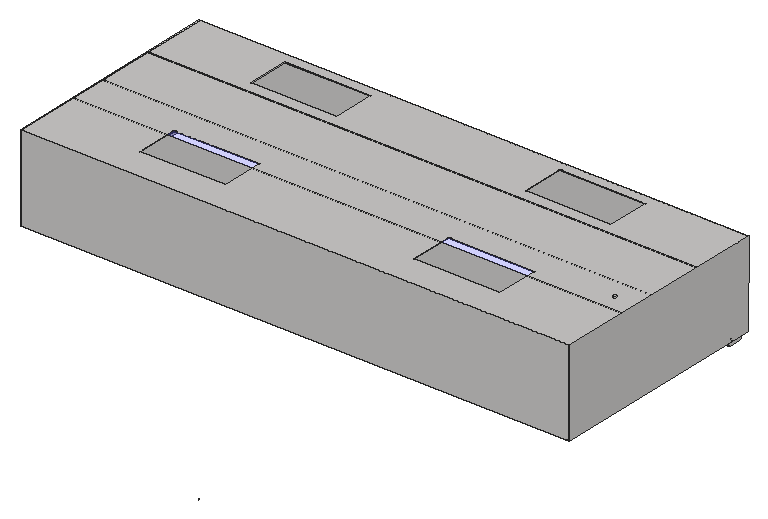
Revit family "QF_ELECTROLUXPROFESSIONAL_640231_STPF1332", category Attrezzature speciali, Revit 2021
Family settings
  Quota connettore circolare = Usa diametro
  Tipo di parte = Normale
  Basato su piano di lavoro = No
  Sempre verticale = Sì
  Taglio con vuoti quando caricato = No
  Condiviso = No
  Punto di calcolo locali = No
Parameters (values of type "Standard")
  Weight = 200.00 kg
  Watts = 240 W
  Volts = 220 V
  URL Manufacturer = "https://www.electroluxprofessional.com/"
  URL = "https://www.electroluxprofessional.com/"
  Steam Supply Size = 0 mm
  Steam Supply Minimum Pressure = 0.0 Pa
  Steam Supply Maximum Pressure = 0.0 Pa
  Steam Consumption per Hour = 0
  Refrigeration Suction Line Size = 0 mm
  Refrigeration Liquid Line Size = 0 mm
  Refrigerant Compressor Remote = yes
  Prospetto di default = 0 mm
  Produttore = "Electrolux Professional"
  Phase = 1
  Modello = "STPF1332"
  Length Actual = 3200 mm  # constant formula
  Item Number = "640231"
  Hot Water Size = 0 mm
  Height Actual = 500 mm  # constant formula
  HP = "0.3 HP"
  Gas Size = 0 mm
  Gas KW = 0
  Gas Input Pressure = 0 W
  Direct Waste Size = 0 mm
  Descrizione = "304 S/S WALL HOOD+FILTERS+LAMPS 320X130"
  Depth Actual = 1300 mm  # constant formula
  Cycle = 50 Hz
  Condensate Return Size = 0 mm
  Compressed Air Volume = 0.0 L/s
  Compressed Air Size = 0 mm
  Compressed Air Pressure = 0.0 Pa
  Cold Water Size = 0 mm
  Accessory = yes
Reference planes
  plane 1: z = 0
  plane 2 "Center (Left/Right)": x = 150
  plane 3 "LEFT": x = -1450
  plane 4 "RIGHT": x = 1750
  plane 5 "BACK": y = 550
  plane 6 "TOP": z = 2500
  plane 7 "Base": z = 2000
  plane 8: z = 1955
  plane 9 "DrainY": y = 490
  plane 10: x = -1447
  plane 11 "DrainX": x = 1630
  plane 12 "AOLeft2": x = -400
  plane 13 "AORight1": x = 700
  plane 14: x = 1747
  plane 15: x = -1250
  plane 16: x = 1550
  plane 17 "Center (Front/Back)": y = -100
  plane 18 "Front": y = -750
  plane 19 "AOLeft1": x = -900
  plane 20 "AORight2": x = 1200
  plane 21: y = -664
  plane 22: y = -414
  plane 23: y = 240
  plane 24: y = 490
  plane 25 "EI_y": y = -270
  plane 26 "EIx": x = 1630
Forms (mm)
  Extrusion 1, solid, material "QF_Finishes_Stainless Steel"
    sketch origin (-1450, 0, 360) x (0, 1, 0) y (0, 0, 1)
      loop
        line (550, 1640) -> (550, 2140) -> (-750, 2140) -> (-750, 1640) -> (550, 1640)
    from 0 to 3
  Extrusion 2, solid, material "QF_Finishes_Stainless Steel"
    sketch origin (1750, 0, 360) x (0, 1, 0) y (0, 0, 1)
      loop
        line (550, 1640) -> (550, 2140) -> (-750, 2140) -> (-750, 1640) -> (550, 1640)
    from 0 to -3
  Extrusion 3, solid, material "QF_Finishes_Stainless Steel"
    sketch origin (150, 0, 360) x (0, 1, 0) y (0, 0, 1)
      loop
        line (-750, 2140) -> (-750, 1640) -> (-740, 1640) -> (-740, 1640.8) -> (-749.2, 1640.8) -> (-749.2, 2139.19) -> (549.2, 2139.19) -> (549.2, 1640.8) -> (540, 1640.8) -> (540, 1640) -> (550, 1640) -> (550, 2140) -> (-750, 2140)
    from -1600 to 1600
  Extrusion 4, solid, material "QF_Finishes_Stainless Steel"
    sketch origin (0, 0, 2000) x (0, 1, 0) y (-1, 0, 0)
      loop
        circle (490, -1630) r 4.763
    from -30 to 0
  Extrusion 5, void
    sketch origin (0, 0, 2500) x (0, 1, 0) y (-1, 0, 0)
      loop
        line (-320, 400) -> (-320, 900) -> (-570, 900) -> (-570, 400) -> (-320, 400)
    from 0 to -10
  Extrusion 6, solid, material "QF_Finishes_Stainless Steel"
    sketch origin (0, 0, 0) x (1, 0, 0) y (0, 1, 0)
      loop
        line (-1450, 550) -> (-1450, 549) -> (-1449, 549) -> (-1449, 550) -> (-1450, 550)
    from 0 to 1
  Extrusion 7, solid, material "QF_LAMPS"
    sketch origin (150, 0, 360) x (0, 1, 0) y (0, 0, 1)
      loop
        line (-372.823, 1962.324) -> (-218.948, 2086.929) -> (-227.129, 2097.032) -> (-381.003, 1972.426) -> (-372.823, 1962.324)
    from 1597 to -1597
  Extrusion 8, solid, material "QF_Finishes_Stainless Steel"
    sketch origin (150, 0, 360) x (0, 1, 0) y (0, 0, 1)
      loop
        line (-750, 2139.19) -> (-750, 1640) -> (-686.602, 1640) -> (-599.146, 1690.493) -> (-610.058, 1709.394) -> (-666.564, 1676.77) -> (-714.704, 1680.982) -> (-749.2, 1730.248) -> (-749.2, 2139.19) -> (-750, 2139.19)
      loop
        line (-373.6, 1961.694) -> (-381.937, 1971.99) -> (-369.095, 1982.182) -> (-369.095, 2139.19) -> (-369.895, 2139.19) -> (-369.895, 1982.569) -> (-682.298, 1734.63) -> (-671.091, 1720.79) -> (-373.6, 1961.694)
      loop
        line (-227.61, 2099.216) -> (-218.171, 2087.559) -> (-154.411, 2139.19) -> (-155.682, 2139.19) -> (-218.052, 2088.684) -> (-226.989, 2099.719) -> (-227.61, 2099.216)
    from -1597 to 1597
  Sweep 9, solid, material "QF_Finishes_Stainless Steel"
    path origin (0, 0, 0) x (1, 0, 0) y (0, 1, 0)
      loop
        line (1750, 550) -> (-1450, 550) -> (-1450, -750) -> (1750, -750) -> (1750, 550)
    profile origin (1750, -100, 0) x (1, 0, 0) y (0, 0, 1)
      loop
        line (-3, 2000) -> (-3, 2000.8) -> (-19, 2000.8) -> (-19, 2010) -> (-20, 2010) -> (-20, 2000) -> (-3, 2000)
  Extrusion 10, solid, material "QF_Finishes_Stainless Steel"
    sketch origin (150, 0, 0) x (0, 1, 0) y (0, 0, 1)
      loop
        line (414.66, 2095.469) -> (440.643, 2110.471) -> (261.744, 2411.771) -> (235.948, 2396.455) -> (414.66, 2095.469)
    from -1597 to -1400
  Extrusion 11, void
    sketch origin (1134.605, 0, 2500) x (0, 1, 0) y (-1, 0, 0)
      loop
        line (-320, -65.395) -> (-320, 434.605) -> (-570, 434.605) -> (-570, -65.395) -> (-320, -65.395)
    from 0 to -10
  Extrusion 12, solid, material "QF_Finishes_Stainless Steel"
    sketch origin (1630, 0, 0) x (0, 1, 0) y (0, 0, 1)
      loop
        line (539, 2000) -> (441, 2000) -> (441, 1989) -> (448.5, 1989) -> (448.5, 1965)
        arc (448.5, 1965) -> (451.429, 1957.929) -> (458.5, 1955) r 10
        line (458.5, 1955) -> (521.5, 1955)
        arc (521.5, 1955) -> (528.571, 1957.929) -> (531.5, 1965) r 10
        line (531.5, 1965) -> (531.5, 1989) -> (539, 1989) -> (539, 2000)
    from 90 to -90
  Extrusion 13, solid, material "QF_Finishes_Stainless Steel"
    sketch origin (150, 0, 360) x (0, 1, 0) y (0, 0, 1)
      loop
        line (-750, 2139.19) -> (-750, 1640) -> (-686.602, 1640) -> (-599.146, 1690.493) -> (-610.058, 1709.394) -> (-666.564, 1676.77) -> (-714.704, 1680.982) -> (-749.2, 1730.248) -> (-749.2, 2139.19) -> (-750, 2139.19)
      loop
        line (-373.6, 1961.694) -> (-381.937, 1971.99) -> (-369.095, 1982.182) -> (-369.095, 2139.19) -> (-369.895, 2139.19) -> (-369.895, 1982.569) -> (-682.298, 1734.63) -> (-671.091, 1720.79) -> (-373.6, 1961.694)
      loop
        line (-227.61, 2099.216) -> (-218.171, 2087.559) -> (-154.411, 2139.19) -> (-155.682, 2139.19) -> (-218.052, 2088.684) -> (-226.989, 2099.719) -> (-227.61, 2099.216)
    from -1597 to 1597
  Extrusion 14, solid, material "QF_Finishes_Stainless Steel"
    sketch origin (150, 0, 0) x (0, 1, 0) y (0, 0, 1)
      loop
        line (414.66, 2095.469) -> (440.643, 2110.471) -> (261.744, 2411.771) -> (235.948, 2396.455) -> (414.66, 2095.469)
    from 1400 to 1597
  Extrusion 15, solid, material "QF_Finished_Chrome"
    sketch origin (150, 0, 0) x (0, 1, 0) y (0, 0, 1)
      loop
        line (414.66, 2095.469) -> (440.643, 2110.471) -> (261.744, 2411.771) -> (235.948, 2396.455) -> (414.66, 2095.469)
    from -1400 to 1400
  Extrusion 16, void
    sketch origin (0, 1180, 2500) x (0, 1, 0) y (-1, 0, 0)
      loop
        line (-690, 400) -> (-690, 900) -> (-940, 900) -> (-940, 400) -> (-690, 400)
    from 0 to -10
  Extrusion 17, void
    sketch origin (1600, 1180, 2500) x (0, 1, 0) y (-1, 0, 0)
      loop
        line (-690, 400) -> (-690, 900) -> (-940, 900) -> (-940, 400) -> (-690, 400)
    from 0 to -10
  Extrusion 18, solid, material "QF_Finishes_Stainless Steel"
    sketch origin (0, 0, 2500) x (0, 1, 0) y (-1, 0, 0)
      loop
        circle (-270, -1630) r 10
    from 0 to 1.6
  Extrusion 19, solid, material "QF_Finishes_Stainless Steel"
    sketch origin (150, 0, 360) x (0, 1, 0) y (0, 0, 1)
      loop
        line (430.005, 1640) -> (540, 1640) -> (540, 1640.8) -> (430.467, 1640.8) -> (371.906, 1742.23) -> (414.858, 1734.657) -> (442.266, 1750.481) -> (442.266, 1765.943) -> (441.466, 1765.943) -> (441.466, 1750.943) -> (414.709, 1735.495) -> (321.153, 1751.991) -> (320.875, 1750.416) -> (371.4, 1741.507) -> (430.005, 1640)
      loop
        line (172.529, 2139.19) -> (242.893, 2017.316) -> (245.133, 2018.715) -> (240.13, 2027.381) -> (238.569, 2026.405) -> (173.453, 2139.19) -> (172.529, 2139.19)
    from -1597 to 1597
Cuts and joins
  Extrusion 5, Extrusion 11, Extrusion 16, Extrusion 17 cuts Extrusion 3
  joined: Extrusion 2, Extrusion 3, Sweep 9
Lines and regions (mm)
  symbolic lines, style "SpecialityEquipment", detail levels coarse
    curve 1: line (1750, 550, 2500) -> (-1450, 550, 2500)
    curve 2: line (-1450, 550, 2500) -> (-1450, -750, 2500)
    curve 3: line (1750, -750, 2500) -> (1750, 550, 2500)
    curve 4: line (-1450, 550, 0) -> (1750, -750, 0)
    curve 5: line (1750, 550, 0) -> (-1450, -750, 0)
    curve 6: line (-1450, -750, 0) -> (1750, -750, 0)
    curve 7: line (-400, -320, 0) -> (-900, -320, 0)
    curve 8: line (-400, -570, 0) -> (-400, -320, 0)
    curve 9: line (-900, -570, 0) -> (-400, -570, 0)
    curve 10: line (-900, -320, 0) -> (-900, -570, 0)
    curve 11: line (700, -320, 0) -> (700, -570, 0)
    curve 12: line (1200, -320, 0) -> (700, -320, 0)
    curve 13: line (1200, -570, 0) -> (1200, -320, 0)
    curve 14: line (700, -570, 0) -> (1200, -570, 0)
  symbolic lines, detail levels coarse
    curve 15: line (-900, 240, 2500) -> (-400, 240, 2500)
    curve 16: line (-900, 490, 2500) -> (-900, 240, 2500)
    curve 17: line (-400, 490, 2500) -> (-900, 490, 2500)
    curve 18: line (-400, 240, 2500) -> (-400, 490, 2500)
    curve 19: line (700, 490, 2500) -> (700, 240, 2500)
    curve 20: line (1200, 490, 2500) -> (700, 490, 2500)
    curve 21: line (700, 240, 2500) -> (1200, 240, 2500)
    curve 22: line (1200, 240, 2500) -> (1200, 490, 2500)
Dimensions and locks
  plane 3 "LEFT" to plane 4 "RIGHT" = 3200 mm
  equal spacing: plane 3 "LEFT", plane 2 "Center (Left/Right)", plane 4 "RIGHT"
  plane 7 "Base" to plane 8 = 45 mm
  plane 5 "BACK" to plane 9 "DrainY" = 60 mm  (x2)
  plane 3 "LEFT" to plane 10 = 3 mm
  plane 11 "DrainX" to plane 4 "RIGHT" = 120 mm
  plane 14 to plane 4 "RIGHT" = 3 mm
  plane 3 "LEFT" to plane 15 = 200 mm
  plane 16 to plane 4 "RIGHT" = 200 mm
  locked: plane 12 "AOLeft2" to plane 13 "AORight1" at 1100
  equal spacing: plane 12 "AOLeft2", plane 2 "Center (Left/Right)", plane 13 "AORight1"
  locked: plane 7 "Base" to level at 2000
  locked: plane 6 "TOP" to plane 7 "Base" at 500
  locked: plane 5 "BACK" to plane 18 "Front" at 1300
  equal spacing: plane 5 "BACK", plane 17 "Center (Front/Back)", plane 18 "Front"
  locked: plane 19 "AOLeft1" to plane 12 "AOLeft2" at 500
  locked: plane 13 "AORight1" to plane 20 "AORight2" at 500
  locked: plane 22 to plane 21 at 250
  plane 21 to plane 18 "Front" = 86 mm
  locked: plane 24 to plane 23 at 250
  plane 5 "BACK" to plane 24 = 60 mm
  locked: plane 25 "EI_y" to plane 18 "Front" at 480
  locked: plane 26 "EIx" to plane 4 "RIGHT" at 120
  plane 5 "BACK" to plane 18 "Front" = 1300 mm
  aligned and locked: level to plane 1
  aligned and locked: plane 4 "RIGHT" to Extrusion 3
  aligned and locked: Extrusion 3 to plane 3 "LEFT"
  aligned and locked: Extrusion 2 to plane 14
  aligned and locked: Extrusion 10 to plane 10
  aligned and locked: Extrusion 8 to plane 10
  aligned and locked: plane 14 to Extrusion 8
  aligned and locked: Extrusion 5 to plane 19 "AOLeft1"
  aligned and locked: Extrusion 5 to plane 12 "AOLeft2"
  aligned and locked: plane 20 "AORight2" to Extrusion 11
  aligned and locked: plane 13 "AORight1" to Extrusion 11
  aligned and locked: plane 15 to Extrusion 10
  aligned and locked: plane 16 to Extrusion 14
  aligned and locked: plane 14 to Extrusion 14
  aligned and locked: Extrusion 15 to plane 15
  aligned and locked: Extrusion 15 to plane 16
  aligned and locked: plane 14 to Extrusion 7
  aligned and locked: Extrusion 7 to plane 10
  aligned and locked: Extrusion 16 to plane 23
  aligned and locked: plane 24 to Extrusion 16
  aligned and locked: plane 24 to Extrusion 17
  aligned and locked: Extrusion 17 to plane 23
  aligned and locked: plane 13 "AORight1" to Extrusion 17
  aligned and locked: plane 20 "AORight2" to Extrusion 17
  aligned and locked: Extrusion 16 to plane 19 "AOLeft1"
  aligned and locked: Extrusion 16 to plane 12 "AOLeft2"
  aligned and locked: Extrusion 19 to plane 10
  aligned and locked: plane 14 to Extrusion 19
  aligned and locked: plane 14 to Extrusion 13
  aligned and locked: Extrusion 13 to plane 10
Automatic sketch dimensions
  curve 6 to plane 3 "LEFT" = 0 mm
  curve 4 to plane 3 "LEFT" = 0 mm
  curve 10 to plane 19 "AOLeft1" = 0 mm
  curve 8 to plane 12 "AOLeft2" = 0 mm
  curve 14 to plane 13 "AORight1" = 0 mm
  curve 14 to plane 20 "AORight2" = 0 mm
  curve 5 to plane 4 "RIGHT" = 0 mm
  curve 6 to plane 4 "RIGHT" = 0 mm
  curve 4 to plane 18 "Front" = 0 mm
  curve 4 to plane 5 "BACK" = 0 mm
  curve 5 to plane 5 "BACK" = 0 mm
  plane 21 to curve 14 = 94 mm
  plane 21 to curve 9 = 94 mm
  curve 10 to plane 25 "EI_y" = 50 mm
  curve 11 to plane 25 "EI_y" = 50 mm
  curve 2 to plane 3 "LEFT" = 0 mm
  curve 2 to plane 18 "Front" = 0 mm
  curve 3 to plane 4 "RIGHT" = 0 mm
  curve 3 to plane 18 "Front" = 0 mm
  curve 2 to plane 5 "BACK" = 0 mm
  Extrusion 1 sketch curve to plane 7 "Base" = 0 mm
  Extrusion 1 sketch curve to plane 18 "Front" = 0 mm
  Extrusion 1 sketch curve to plane 5 "BACK" = 0 mm
  Extrusion 1 sketch curve to plane 6 "TOP" = 0 mm
  Extrusion 2 sketch curve to plane 7 "Base" = 0 mm
  Extrusion 2 sketch curve to plane 18 "Front" = 0 mm
  Extrusion 2 sketch curve to plane 5 "BACK" = 0 mm
  Extrusion 2 sketch curve to plane 6 "TOP" = 0 mm
  Extrusion 3 sketch curve to plane 6 "TOP" = 0 mm
  Extrusion 3 sketch curve to plane 18 "Front" = 0 mm
  Extrusion 3 sketch curve to plane 7 "Base" = 0 mm  (x2)
  Extrusion 3 sketch curve to plane 5 "BACK" = 0 mm
  plane 18 "Front" to Extrusion 3 sketch curve = 0.8 mm
  Extrusion 3 sketch curve to Extrusion 3 sketch curve = 9.2 mm
  plane 7 "Base" to Extrusion 3 sketch curve = 0.8 mm  (x2)
  Extrusion 3 sketch curve to plane 5 "BACK" = 10 mm
  Extrusion 3 sketch curve to plane 5 "BACK" = 0.8 mm
  Extrusion 3 sketch curve to plane 6 "TOP" = 0.81 mm
  Extrusion 4 sketch curve to plane 9 "DrainY" = 0 mm
  Extrusion 4 sketch curve to plane 11 "DrainX" = 0 mm
  Extrusion 5 sketch curve to plane 12 "AOLeft2" = 0 mm
  Extrusion 5 sketch curve to plane 19 "AOLeft1" = 0 mm
  plane 21 to Extrusion 5 sketch curve = 94 mm
  Extrusion 5 sketch curve to plane 25 "EI_y" = 50 mm
  Extrusion 6 sketch curve to plane 3 "LEFT" = 0 mm
  Extrusion 6 sketch curve to plane 5 "BACK" = 0 mm
  plane 3 "LEFT" to Extrusion 6 sketch curve = 1 mm
  Extrusion 6 sketch curve to Extrusion 6 sketch curve = 1 mm
  plane 22 to Extrusion 7 sketch curve = 32.997 mm
  Extrusion 7 sketch curve to Extrusion 7 sketch curve = 8.181 mm  (x2)
  plane 25 "EI_y" to Extrusion 7 sketch curve = 42.871 mm
  Extrusion 7 sketch curve to plane 6 "TOP" = 177.676 mm
  Extrusion 7 sketch curve to Extrusion 7 sketch curve = 10.102 mm
  Extrusion 7 sketch curve to plane 6 "TOP" = 53.071 mm
  Extrusion 7 sketch curve to Extrusion 7 sketch curve = 10.103 mm
  Extrusion 8 sketch curve to plane 7 "Base" = 0 mm
  Extrusion 8 sketch curve to plane 18 "Front" = 0 mm
  Extrusion 8 sketch curve to Extrusion 8 sketch curve = 0.8 mm  (x2)
  plane 18 "Front" to Extrusion 8 sketch curve = 35.296 mm
  Extrusion 8 sketch curve to plane 21 = 22.602 mm
  Extrusion 8 sketch curve to plane 21 = 18.298 mm
  Extrusion 8 sketch curve to plane 21 = 7.091 mm
  Extrusion 8 sketch curve to plane 21 = 2.564 mm
  plane 21 to Extrusion 8 sketch curve = 53.942 mm
  Extrusion 8 sketch curve to Extrusion 8 sketch curve = 10.912 mm
  plane 22 to Extrusion 8 sketch curve = 32.063 mm
  Extrusion 8 sketch curve to Extrusion 8 sketch curve = 8.337 mm
  Extrusion 8 sketch curve to Extrusion 8 sketch curve = 12.042 mm
  plane 25 "EI_y" to Extrusion 8 sketch curve = 42.39 mm
  Extrusion 8 sketch curve to Extrusion 8 sketch curve = 0.622 mm
  Extrusion 8 sketch curve to Extrusion 8 sketch curve = 9.44 mm
  Extrusion 8 sketch curve to Extrusion 8 sketch curve = 0.118 mm
  Extrusion 8 sketch curve to plane 6 "TOP" = 0.81 mm  (x3)
  Extrusion 8 sketch curve to plane 17 "Center (Front/Back)" = 55.682 mm
  Extrusion 8 sketch curve to Extrusion 8 sketch curve = 1.271 mm
  plane 7 "Base" to Extrusion 8 sketch curve = 36.77 mm
  plane 7 "Base" to Extrusion 8 sketch curve = 40.982 mm
  plane 7 "Base" to Extrusion 8 sketch curve = 50.493 mm
  Extrusion 8 sketch curve to Extrusion 8 sketch curve = 18.901 mm
  Extrusion 8 sketch curve to Extrusion 8 sketch curve = 44.02 mm
  Extrusion 8 sketch curve to Extrusion 8 sketch curve = 49.266 mm
  Extrusion 8 sketch curve to Extrusion 8 sketch curve = 13.84 mm
  Extrusion 8 sketch curve to plane 6 "TOP" = 178.306 mm
  Extrusion 8 sketch curve to Extrusion 8 sketch curve = 10.296 mm
  Extrusion 8 sketch curve to Extrusion 8 sketch curve = 10.192 mm
  Extrusion 8 sketch curve to Extrusion 8 sketch curve = 0.386 mm
  Extrusion 8 sketch curve to plane 6 "TOP" = 52.441 mm
  Extrusion 8 sketch curve to Extrusion 8 sketch curve = 1.125 mm
  Sweep 9 sketch curve to plane 3 "LEFT" = 0 mm
  Sweep 9 sketch curve to plane 4 "RIGHT" = 0 mm
  Sweep 9 sketch curve to plane 18 "Front" = 0 mm
  Sweep 9 sketch curve to plane 5 "BACK" = 0 mm
  profile plane to Sweep 9 sketch curve = 20 mm
  Sweep 9 sketch curve to Sweep 9 sketch curve = 1 mm
  profile plane to Sweep 9 sketch curve = 3 mm
  level to Sweep 9 sketch curve = 2000 mm
  Sweep 9 sketch curve to Sweep 9 sketch curve = 0.8 mm
  Sweep 9 sketch curve to Sweep 9 sketch curve = 9.2 mm
  Extrusion 10 sketch curve to plane 23 = 4.052 mm
  plane 23 to Extrusion 10 sketch curve = 21.744 mm
  Extrusion 10 sketch curve to plane 9 "DrainY" = 75.34 mm
  Extrusion 10 sketch curve to Extrusion 10 sketch curve = 25.983 mm
  plane 7 "Base" to Extrusion 10 sketch curve = 95.469 mm
  Extrusion 10 sketch curve to Extrusion 10 sketch curve = 15.001 mm
  Extrusion 10 sketch curve to plane 6 "TOP" = 103.545 mm
  Extrusion 10 sketch curve to Extrusion 10 sketch curve = 15.316 mm
  Extrusion 11 sketch curve to plane 20 "AORight2" = 0 mm
  Extrusion 11 sketch curve to plane 13 "AORight1" = 0 mm
  plane 21 to Extrusion 11 sketch curve = 94 mm
  Extrusion 11 sketch curve to plane 25 "EI_y" = 50 mm
  Extrusion 13 sketch curve to plane 7 "Base" = 0 mm
  Extrusion 13 sketch curve to plane 18 "Front" = 0 mm
  Extrusion 13 sketch curve to Extrusion 13 sketch curve = 0.8 mm  (x2)
  plane 18 "Front" to Extrusion 13 sketch curve = 35.296 mm
  Extrusion 13 sketch curve to plane 21 = 22.602 mm
  Extrusion 13 sketch curve to plane 21 = 18.298 mm
  Extrusion 13 sketch curve to plane 21 = 7.091 mm
  Extrusion 13 sketch curve to plane 21 = 2.564 mm
  plane 21 to Extrusion 13 sketch curve = 53.942 mm
  Extrusion 13 sketch curve to Extrusion 13 sketch curve = 10.912 mm
  plane 22 to Extrusion 13 sketch curve = 32.063 mm
  Extrusion 13 sketch curve to Extrusion 13 sketch curve = 8.337 mm
  Extrusion 13 sketch curve to plane 6 "TOP" = 0.81 mm  (x3)
  plane 22 to Extrusion 13 sketch curve = 44.105 mm
  plane 25 "EI_y" to Extrusion 13 sketch curve = 42.39 mm
  Extrusion 13 sketch curve to Extrusion 13 sketch curve = 0.622 mm
  Extrusion 13 sketch curve to Extrusion 13 sketch curve = 9.44 mm
  Extrusion 13 sketch curve to Extrusion 13 sketch curve = 0.118 mm
  Extrusion 13 sketch curve to plane 17 "Center (Front/Back)" = 55.682 mm
  Extrusion 13 sketch curve to Extrusion 13 sketch curve = 1.271 mm
  plane 7 "Base" to Extrusion 13 sketch curve = 36.77 mm
  plane 7 "Base" to Extrusion 13 sketch curve = 40.982 mm
  plane 7 "Base" to Extrusion 13 sketch curve = 50.493 mm
  Extrusion 13 sketch curve to Extrusion 13 sketch curve = 18.901 mm
  Extrusion 13 sketch curve to Extrusion 13 sketch curve = 44.02 mm
  Extrusion 13 sketch curve to Extrusion 13 sketch curve = 49.266 mm
  Extrusion 13 sketch curve to Extrusion 13 sketch curve = 13.84 mm
  Extrusion 13 sketch curve to Extrusion 13 sketch curve = 177.496 mm
  Extrusion 13 sketch curve to Extrusion 13 sketch curve = 10.296 mm
  Extrusion 13 sketch curve to Extrusion 13 sketch curve = 10.192 mm
  Extrusion 13 sketch curve to Extrusion 13 sketch curve = 0.386 mm
  Extrusion 13 sketch curve to plane 6 "TOP" = 52.441 mm
  Extrusion 13 sketch curve to Extrusion 13 sketch curve = 1.125 mm
  Extrusion 14 sketch curve to plane 23 = 4.052 mm
  plane 23 to Extrusion 14 sketch curve = 21.744 mm
  Extrusion 14 sketch curve to plane 9 "DrainY" = 75.34 mm
  Extrusion 14 sketch curve to Extrusion 14 sketch curve = 25.983 mm
  plane 7 "Base" to Extrusion 14 sketch curve = 95.469 mm
  Extrusion 14 sketch curve to Extrusion 14 sketch curve = 15.001 mm
  Extrusion 14 sketch curve to plane 6 "TOP" = 103.545 mm
  Extrusion 14 sketch curve to Extrusion 14 sketch curve = 15.316 mm
  Extrusion 15 sketch curve to plane 23 = 4.052 mm
  plane 23 to Extrusion 15 sketch curve = 21.744 mm
  Extrusion 15 sketch curve to plane 9 "DrainY" = 75.34 mm
  Extrusion 15 sketch curve to Extrusion 15 sketch curve = 25.983 mm
  plane 7 "Base" to Extrusion 15 sketch curve = 95.469 mm
  Extrusion 15 sketch curve to Extrusion 15 sketch curve = 15.001 mm
  Extrusion 15 sketch curve to plane 6 "TOP" = 103.545 mm
  Extrusion 15 sketch curve to Extrusion 15 sketch curve = 15.316 mm
  Extrusion 16 sketch curve to plane 12 "AOLeft2" = 0 mm
  Extrusion 16 sketch curve to plane 23 = 0 mm
  Extrusion 16 sketch curve to plane 9 "DrainY" = 0 mm
  Extrusion 16 sketch curve to plane 19 "AOLeft1" = 0 mm
  Extrusion 17 sketch curve to plane 20 "AORight2" = 0 mm
  Extrusion 17 sketch curve to plane 23 = 0 mm
  Extrusion 17 sketch curve to plane 9 "DrainY" = 0 mm
  Extrusion 17 sketch curve to plane 13 "AORight1" = 0 mm
  Extrusion 18 sketch curve to plane 25 "EI_y" = 0 mm
  Extrusion 18 sketch curve to plane 26 "EIx" = 0 mm
  Extrusion 19 sketch curve to plane 7 "Base" = 0 mm
  Extrusion 19 sketch curve to plane 9 "DrainY" = 47.734 mm
  Extrusion 19 sketch curve to Extrusion 19 sketch curve = 0.8 mm
  plane 9 "DrainY" to Extrusion 19 sketch curve = 50 mm
  plane 7 "Base" to Extrusion 19 sketch curve = 0.8 mm
  Extrusion 19 sketch curve to Extrusion 19 sketch curve = 109.533 mm
  Extrusion 19 sketch curve to Extrusion 19 sketch curve = 0.462 mm  (x2)
  Extrusion 19 sketch curve to Extrusion 19 sketch curve = 26.608 mm
  Extrusion 19 sketch curve to Extrusion 19 sketch curve = 0.148 mm
  Extrusion 19 sketch curve to Extrusion 19 sketch curve = 42.803 mm
  Extrusion 19 sketch curve to Extrusion 19 sketch curve = 0.506 mm
  Extrusion 19 sketch curve to Extrusion 19 sketch curve = 50.247 mm
  Extrusion 19 sketch curve to Extrusion 19 sketch curve = 0.278 mm
  plane 23 to Extrusion 19 sketch curve = 5.133 mm
  Extrusion 19 sketch curve to Extrusion 19 sketch curve = 2.24 mm
  plane 23 to Extrusion 19 sketch curve = 0.13 mm
  Extrusion 19 sketch curve to plane 23 = 1.431 mm
  Extrusion 19 sketch curve to plane 6 "TOP" = 0.81 mm
  Extrusion 19 sketch curve to plane 23 = 66.547 mm
  Extrusion 19 sketch curve to Extrusion 19 sketch curve = 0.924 mm
  plane 7 "Base" to Extrusion 19 sketch curve = 94.657 mm
  Extrusion 19 sketch curve to Extrusion 19 sketch curve = 0.838 mm
  Extrusion 19 sketch curve to Extrusion 19 sketch curve = 6.012 mm
  Extrusion 19 sketch curve to Extrusion 19 sketch curve = 0.723 mm
  Extrusion 19 sketch curve to Extrusion 19 sketch curve = 14.986 mm
  Extrusion 19 sketch curve to Extrusion 19 sketch curve = 15 mm
  Extrusion 19 sketch curve to plane 6 "TOP" = 122.684 mm
  Extrusion 19 sketch curve to Extrusion 19 sketch curve = 1.399 mm
  Extrusion 19 sketch curve to Extrusion 19 sketch curve = 9.089 mm
  Extrusion 19 sketch curve to Extrusion 19 sketch curve = 0.975 mm
  curve 15 to plane 19 "AOLeft1" = 0 mm
  curve 15 to plane 23 = 0 mm
  curve 16 to plane 9 "DrainY" = 0 mm
  curve 15 to plane 12 "AOLeft2" = 0 mm
  curve 19 to plane 13 "AORight1" = 0 mm
  curve 19 to plane 23 = 0 mm
  curve 20 to plane 9 "DrainY" = 0 mm
  curve 21 to plane 20 "AORight2" = 0 mm
  Extrusion 12 sketch curve to plane 8 = 0 mm
  Extrusion 12 sketch curve to plane 7 "Base" = 11 mm  (x2)
  Extrusion 12 sketch curve to plane 9 "DrainY" = 49 mm
  Extrusion 12 sketch curve to Extrusion 12 sketch curve = 7.5 mm  (x2)
  Extrusion 12 sketch curve to Extrusion 12 sketch curve = 10 mm
  Extrusion 12 sketch curve to plane 5 "BACK" = 28.5 mm
  Extrusion 12 sketch curve to plane 5 "BACK" = 18.5 mm
  plane 7 "Base" to Extrusion 12 sketch curve = 0 mm
  radius of Extrusion 4 sketch curve = 4.763 mm
  radius of Extrusion 18 sketch curve = 10 mm
Connectors
  piping at (1630, 490, 1970), diameter 9.5
    settings: on Extrusion 4, index 1, connector inside diameter 609.6 mm, connector length 0 mm, flow factor 0, pipe flow 0.0 L/s, pressure drop 0.0 Pa, fitting loss kfactor 0, connector angle 0.00°, fixture units 0, engagement length 0 mm, angle of deflection 0.00°, flow configuration 1, flow direction 2, fitting loss method 0, system type 16, joint type 0, gender type 0, connector reference index -1, connector utility 0, adjustable connector no, is connector primary yes, connector description "Drain"
  hvac at (-650, -445, 2500)
    settings: on Extrusion 5, index 2, duct flow 0.0 L/s, flow factor 0, pres drop 0.0 Pa, loss coef 0, conn angle 0.00°, conn width 250 mm, conn height 500 mm, conn diameter 609.6 mm, duct sys type 1, conn prof type 1, flow config 1, flow direction 1, loss method 0, conn ref index -1, conn util no, is conn primary yes, conn desc "AIR INLET"
  hvac at (950, -445, 2500)
    settings: on Extrusion 11, index 3, duct flow 0.0 L/s, flow factor 0, pres drop 0.0 Pa, loss coef 0, conn angle 0.00°, conn width 250 mm, conn height 500 mm, conn diameter 609.6 mm, duct sys type 1, conn prof type 1, flow config 1, flow direction 1, loss method 0, conn ref index -1, conn util no, is conn primary no, conn desc "AIR INLET"
  hvac at (-650, 365, 2500)
    settings: on Extrusion 16, index 4, duct flow 0.0 L/s, flow factor 0, pres drop 0.0 Pa, loss coef 0, conn angle 0.00°, conn width 250 mm, conn height 500 mm, conn diameter 609.6 mm, duct sys type 3, conn prof type 1, flow config 1, flow direction 2, loss method 0, conn ref index -1, conn util no, is conn primary no, conn desc "EXHAUST OUTLET"
  hvac at (950, 365, 2500)
    settings: on Extrusion 17, index 5, duct flow 0.0 L/s, flow factor 0, pres drop 0.0 Pa, loss coef 0, conn angle 0.00°, conn width 250 mm, conn height 500 mm, conn diameter 609.6 mm, duct sys type 3, conn prof type 1, flow config 1, flow direction 2, loss method 0, conn ref index -1, conn util no, is conn primary no, conn desc "EXHAUST OUTLET"
  electrical at (1630, -270, 2501.6), driven by "Volts"
    settings: on Extrusion 18, index 6, voltage 220 V, apparent load 0 VA, apparent load phase1 0 VA, apparent load phase2 0 VA, apparent load phase3 0 VA, power factor 1, load classification "Other", number of poles 1, system type 30, power factor state 1, is connector primary yes, connector utility no, sub classification motor no, connector description "Electrical Connection"
